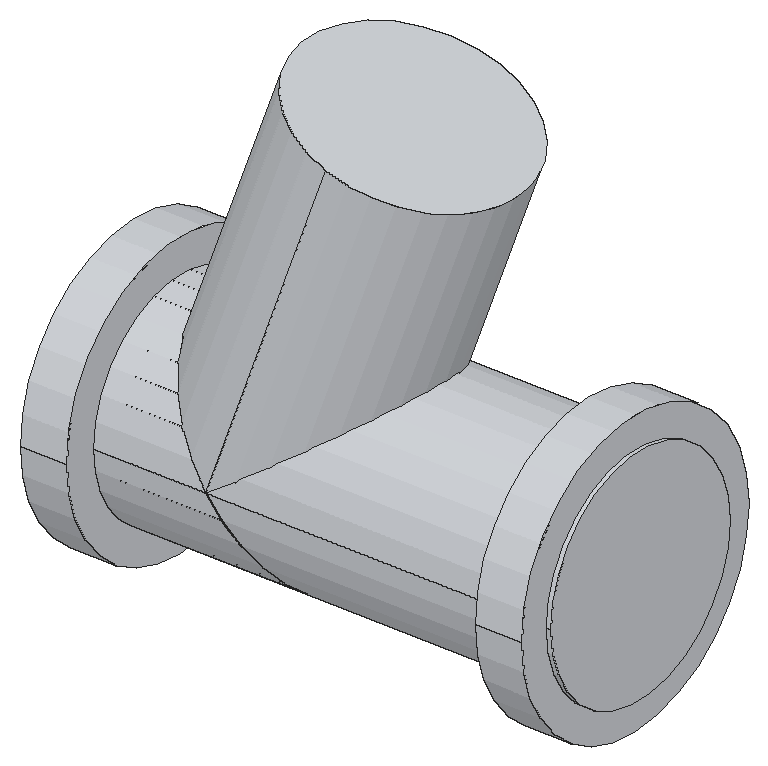
Revit family "447-DN250-RFA_2018", category Pipe Accessories, Revit 2018
Family settings
  Round Connector Dimension = Use Diameter
  Part Type = Valve - Breaks Into
  Work Plane-Based = No
  Always vertical = Yes
  Cut with Voids When Loaded = No
  Shared = No
Parameters (values of type "447-DN250")
  magiProductId = "a0eac83e29f84220b7ba68901aa49e"
  magiProductFamilyId = "b72cb932c1b3471491e3d369876ba1"
  magiPartTypeId = 304
  isMeasuringValve [instance] = no
  ang2D [instance] = 0.00°
  X2 = 171.789 mm
  X1 = 102.2 mm
  W2D = 100 mm
  VersionID = "2.0/2017.9.26.1/ZETKAMA_447_001"
  Use Minimum Symbol Size [instance] = yes
  URL = "http://www.hydronix.cz"
  Type Comments = "přírubový; PN16; -10~+120°C"
  S = 319 mm
  QmdConnectorList = "301;D;302;D"
  Productdata [instance] = ""
  Manufacturer = "Hydronix"
  MC Product Code = "447 250 (DN250; PN16 kvs1188)"
  MC Piping Given Pressure Drop [instance] = 0.0 Pa
  LM1 = 58.4 mm
  LM = 584 mm
  L2D_Min = 3048 mm
  L2D = 350 mm
  L2 = 365 mm
  HH1 = 471.987 mm
  FD = 405 mm
  Description = "Ruční vyvažovací ventil přírubový; DN250; PN16; kvs1188"
  DT = 310 mm
  D = 250 mm
  CC = 7.3 mm
  CAT0 = yes
  C1 = 65.7 mm
  C = 73 mm
Types (10, lengths in mm): name | magiProductId | X2 | X1 | S | MC Product Code | LM1 | LM | L2 | HH1 | FD | Description | DT | D | CC | C1 | C
  447-DN100 | "98b46d48787042dd9a812fc0797c69" | 79.261 | 49 | 156 | "447 100 (DN100; PN16 kvs184,7)" | 28 | 280 | 175 | 217.769 | 220 | "Ruční vyvažovací ventil přírubový; DN100; PN16; kvs184,7" | 130 | 100 | 3.5 | 31.5 | 35
  447-DN125 | "02b47ccb17f74d08923d86f3fe118e" | 86.541 | 56 | 184 | "447 125 (DN125; PN16 kvs285,1)" | 32 | 320 | 200 | 237.769 | 250 | "Ruční vyvažovací ventil přírubový; DN125; PN16; kvs285,1" | 130 | 125 | 4 | 36 | 40
  447-DN150 | "7f7b5672e2b748ca8839732ddacd1d" | 95.64 | 67.2 | 211 | "447 150 (DN150; PN16 kvs390,2)" | 38.4 | 384 | 240 | 262.769 | 285 | "Ruční vyvažovací ventil přírubový; DN150; PN16; kvs390,2" | 130 | 150 | 4.8 | 43.2 | 48
  447-DN200 | "e1019e6fc9b647ceac6d31797e2f53" | 155.411 | 84 | 266 | "447 200 (DN200; PN16 kvs710)" | 48 | 480 | 300 | 426.987 | 340 | "Ruční vyvažovací ventil přírubový; DN200; PN16; kvs710" | 310 | 200 | 6 | 54 | 60
  447-DN250 | "a0eac83e29f84220b7ba68901aa49e" | 171.789 | 102.2 | 319 | "447 250 (DN250; PN16 kvs1188)" | 58.4 | 584 | 365 | 471.987 | 405 | "Ruční vyvažovací ventil přírubový; DN250; PN16; kvs1188" | 310 | 250 | 7.3 | 65.7 | 73
  447-DN300 | "476300b2e87f4f20bd49d272c44436" | 175.429 | 119 | 370 | "447 300 (DN300; PN16 kvs1504)" | 68 | 680 | 425 | 481.987 | 460 | "Ruční vyvažovací ventil přírubový; DN300; PN16; kvs1504" | 310 | 300 | 8.5 | 76.5 | 85
  447-DN040 | "1b02107dafeb4f5588628c478854c2" | 42.71 | 28 | 84 | "447 040 (DN40; PN16 kvs22,36)" | 16 | 160 | 100 | 117.345 | 150 | "Ruční vyvažovací ventil přírubový; DN40; PN16; kvs22,36" | 74 | 40 | 2 | 18 | 20
  447-DN050 | "5ed7087ff739473a8b86e2dbbe5062" | 42.71 | 32.2 | 99 | "447 050 (DN50; PN16 kvs32,15)" | 18.4 | 184 | 115 | 117.345 | 165 | "Ruční vyvažovací ventil přírubový; DN50; PN16; kvs32,15" | 74 | 50 | 2.3 | 20.7 | 23
  447-DN065 | "bd77367604f142d88050bf73c88c7b" | 71.982 | 40.6 | 118 | "447 065 (DN65; PN16 kvs88,8)" | 23.2 | 232 | 145 | 197.769 | 185 | "Ruční vyvažovací ventil přírubový; DN65; PN16; kvs88,8" | 130 | 65 | 2.9 | 26.1 | 29
  447-DN080 | "7399fcf493614c92ad9035a8ac3adf" | 71.982 | 43.4 | 132 | "447 080 (DN80; PN16 kvs113,4)" | 24.8 | 248 | 155 | 197.769 | 200 | "Ruční vyvažovací ventil přírubový; DN80; PN16; kvs113,4" | 130 | 80 | 3.1 | 27.9 | 31
Reference planes
  plane 1 "Center (Front/Back)": y = 0
  plane 2 "XYPLANE": z = 0
  plane 3 "Center (Left/Right)": x = 0
  plane 4 "110": x = 40.389
  plane 5 "109": z = 471.987
  plane 6 "108": x = -131.4
  plane 7 "107": x = 357.7
  plane 8 "106": x = -357.7
  plane 9 "105": z = 0
  plane 10 "104": y = 0
  plane 11 "103": x = -365
  plane 12 "102": x = 365
  plane 13 "100": x = -292
  plane 14 "99": x = 292
  plane 15 "98": x = -233.6
Forms (mm)
  Extrusion 1, solid, visible <- "CAT0"
    sketch origin (-292, -750, 0) x (0, 1, 0) y (0, 0, 1)
      loop
        circle (750, 0) r 155
    from 0 to 584 <- "LM"
  Sweep 2, solid, visible <- "CAT0"
    path origin (750, 0, 0) x (-1, 0, 0) y (0, 0, 1)
      loop
        line (1042, 0) -> (881.4, 0) -> (709.611, 471.987)
    profile origin (-292, 0, 0) x (0, 0, -1) y (0, 1, 0)
      loop
        circle (0, 0) r 155
  Extrusion 3, solid
    sketch origin (357.7, -750, 0) x (0, 1, 0) y (0, 0, 1)
      loop
        circle (750, 0) r 159.5
    from 0 to 7.3 <- "CC"
  Extrusion 4, solid
    sketch origin (292, -750, 0) x (0, 1, 0) y (0, 0, 1)
      loop
        circle (750, 0) r 202.5
    from 0 to 65.7 <- "C1"
  Extrusion 5, solid
    sketch origin (-357.7, -750, 0) x (0, 1, 0) y (0, 0, 1)
      loop
        circle (750, 0) r 202.5
    from 0 to 65.7 <- "C1"
  Extrusion 6, solid
    sketch origin (-365, -750, 0) x (0, 1, 0) y (0, 0, 1)
      loop
        circle (750, 0) r 159.5
    from 0 to 7.3 <- "CC"
  Extrusion 7, solid, not visible
    sketch origin (-365, -750, 0) x (0, 1, 0) y (0, 0, 1)
      loop
        circle (750, 0) r 10
    from 0 to 10
  Extrusion 8, solid, not visible
    sketch origin (365, -750, 0) x (0, 1, 0) y (0, 0, 1)
      loop
        circle (750, 0) r 10
    from 0 to -10
Lines and regions (mm)
  reference lines, not visible
    curve 1: circle (2, 2, 0) r 1 normal (0, 0, 1)
Dimensions and locks
  plane 1 "Center (Front/Back)" to curve 1 = 2 mm
  "X2": plane 6 "108" to plane 4 "110"
  "HH1": plane 2 "XYPLANE" to plane 5 "109"
  "X1": plane 15 "98" to plane 6 "108"
  "C1": plane 14 "99" to plane 7 "107"
  "CC": plane 11 "103" to plane 8 "106"
  locked: plane 2 "XYPLANE" to plane 9 "105"
  locked: plane 1 "Center (Front/Back)" to plane 10 "104"
  "L2": plane 3 "Center (Left/Right)" to plane 11 "103"
  "L2": plane 3 "Center (Left/Right)" to plane 12 "102"
  "C": plane 11 "103" to plane 13 "100"
  "LM": plane 13 "100" to plane 14 "99"
  "LM1": plane 13 "100" to plane 15 "98"
  Sweep 2 sketch curve to Sweep 2 sketch curve = 0 mm  (x2)
  "DT": diameter of Extrusion 1 sketch curve
  "DT": diameter of Sweep 2 sketch curve
  "S": diameter of Extrusion 3 sketch curve
  "FD": diameter of Extrusion 4 sketch curve
  "FD": diameter of Extrusion 5 sketch curve
  "S": diameter of Extrusion 6 sketch curve
  aligned and locked: level to plane 2 "XYPLANE"
  aligned and locked: plane 9 "105" to Extrusion 1 sketch curve
  aligned and locked: Extrusion 1 sketch curve to plane 10 "104"
  aligned and locked: plane 9 "105" to Sweep 2 sketch curve  (x3)
  aligned and locked: Sweep 2 sketch curve to plane 10 "104"
  aligned and locked: plane 13 "100" to Sweep 2 sketch curve
  aligned and locked: plane 6 "108" to Sweep 2 sketch curve
  aligned and locked: plane 4 "110" to Sweep 2 sketch curve
  aligned and locked: plane 5 "109" to Sweep 2 sketch curve
  aligned and locked: plane 9 "105" to Extrusion 3 sketch curve
  aligned and locked: Extrusion 3 sketch curve to plane 10 "104"
  aligned and locked: plane 9 "105" to Extrusion 4 sketch curve
  aligned and locked: Extrusion 4 sketch curve to plane 10 "104"
  aligned and locked: plane 9 "105" to Extrusion 5 sketch curve
  aligned and locked: Extrusion 5 sketch curve to plane 10 "104"
  aligned and locked: plane 9 "105" to Extrusion 6 sketch curve
  aligned and locked: Extrusion 6 sketch curve to plane 10 "104"
  aligned and locked: plane 9 "105" to Extrusion 7 sketch curve
  aligned and locked: Extrusion 7 sketch curve to plane 10 "104"
  aligned and locked: plane 9 "105" to Extrusion 8 sketch curve
  aligned and locked: Extrusion 8 sketch curve to plane 10 "104"
Automatic sketch dimensions
  plane 1 "Center (Front/Back)" to Extrusion 7 sketch curve = 10 mm
  plane 1 "Center (Front/Back)" to Extrusion 8 sketch curve = 10 mm
  plane 3 "Center (Left/Right)" to curve 1 = 2 mm
  radius of curve 1 = 1 mm
Connectors
  piping at (-365, 0, 0), diameter 250, driven by "D"
    settings: on Extrusion 7, index 1, connector inside diameter 609.6 mm, connector length 0 mm, flow factor 0, pipe flow 0.0 L/s, pressure drop 0.0 Pa, fitting loss kfactor 0, connector angle 0.00°, fixture units 0, engagement length 0 mm, angle of deflection 0.00°, flow configuration 0, flow direction 0, fitting loss method 0, system type 29, joint type 0, gender type 0, connector reference index 2, connector utility 0, adjustable connector no, is connector primary yes, connector description ""
  piping at (365, 0, 0), diameter 250, driven by "D"
    settings: on Extrusion 8, index 2, connector inside diameter 609.6 mm, connector length 0 mm, flow factor 0, pipe flow 0.0 L/s, pressure drop 0.0 Pa, fitting loss kfactor 0, connector angle 0.00°, fixture units 0, engagement length 0 mm, angle of deflection 0.00°, flow configuration 0, flow direction 0, fitting loss method 0, system type 29, joint type 0, gender type 0, connector reference index 1, connector utility 0, adjustable connector no, is connector primary no, connector description ""
